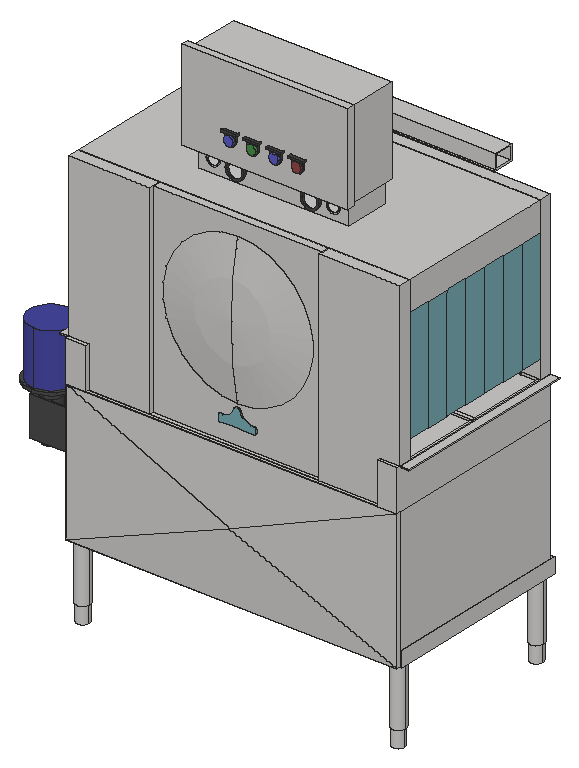
Revit family
Parameters (values of type "Requires Type Catalog QF_Stero_ER-44_R-L_E_cat.txt")
  Width = 3' - 8"
  Weight in Pounds = 850
  Watts = 15000 W
  Watermarked By = "http://revitwatermark.com"
  Waste Water Discharge Temperature [instance] = -459.67 °F
  Volts = 208 V
  Ventilation Remarks [instance] = ""
  URL Cutsheet = ""
  URL = "www.stero.com"
  Total Height = 5' - 10 1/2"
  Table Height = 2' - 10"
  Swing Doors [instance] = no
  Status [instance] = ""
  Standard Doors [instance] = not(Swing Doors)  # yes
  Specification by User [instance] = ""
  Specification by Manufacturer = ""
  Serial Number [instance] = ""
  Seismic Rating [instance] = ""
  SMACNA No [instance] = ""
  Right Ventilation Remarks [instance] = ""
  Right Vent [instance] = no
  Right Exhaust Volume [instance] = if(Right Vent, 200 CFM, 0 CFM)  # 0 CFM
  Right Exhaust Vent Width = 0' - 3 7/8"
  Right Exhaust Vent Text = "Vent, Load End"
  Right Exhaust Vent Depth = 2' - 0 7/8"
  Right Exhaust Static Press = 0.00 in-wg
  Right Exhaust RI Height [instance] = 0' - 0"
  Right Exhaust Item Number [instance] = "-"
  Revision Code [instance] = ""
  Plumbing Remarks [instance] = ""
  Plumbing Connection Type [instance] = ""
  Phase = 1
  Number of Poles [instance] = 1
  NAFEM Spec ID Number [instance] = ""
  Model = "ER-44"
  Masterspec = ""
  Manufacturer = "Stero"
  Machine Height = 4' - 7 1/2"
  Left Vent [instance] = no
  Item Number [instance] = "-"
  Installed By [instance] = ""
  Indirect Waste Size = 2"
  Indirect Waste Flow [instance] = 0 GPM
  Indirect Waste Connection Type [instance] = ""
  Indirect Waste Connection Height = 0' - 6"
  Hot Water Usage Rack = "0.5 Gal/Rack"
  Hot Water Usage = "118 GPH"
  Hot Water Temperature = 180 °F
  Hot Water Size = 3/4"
  Hot Water RI Height [instance] = 0' - 0"
  Hot Water Minimum Pressure = 20.00 psi
  Hot Water Maximum Pressure = 20.00 psi
  Hot Water Flow = 1.97 GPM
  Hot Water Consumption = 1.97 GPM
  Hot Water Connection Height = 5' - 0"
  HP = "2.58"
  Furnished By [instance] = ""
  Foodservice Equipment Identifier [instance] = yes
  FL Amps = 50.4 A
  Exhaust Volume [instance] = if(Left Vent, 400 CFM, 0 CFM)  # 0 CFM
  Exhaust Vent Width = 0' - 3 7/8"
  Exhaust Vent Text = "Vent, Unload End"
  Exhaust Vent Depth = 2' - 0 7/8"
  Exhaust Static Press = 0.00 in-wg
  Exhaust RI Height [instance] = 0' - 0"
  Electrical Remarks [instance] = ""
  Electric Connection Type [instance] = ""
  Elec Conn RI Height [instance] = 0' - 0"
  Elec Conn Connection Height = 5' - 8 1/2"
  Double Door Opening [instance] = if(Swing Doors, 3' 0", 1' 10 1/2")  # 1' - 10 1/2"
  Description = "Dishwasher, Conveyor"
  Depth = 2' - 1"
  Cycle = 60 Hz
  Conn Conduit = yes
  CSI MasterFormat = "11 48 13"
  Assembly Code = "E1090320"
  Apparent Power = if(Phase = 3, Volts * FL Amps * 1.73, Volts * FL Amps)  # 10483.2 VA
Values of the unnamed type that differ from the named types
  Watermarked By = ""
Reference planes (in)
  plane 1: z = 0
  plane 2 "LEFT": x = 2.32772
  plane 3 "BACK": y = -48
  plane 4 "TOP": z = 70.5
  plane 5 "RIGHT": x = 46.32772
  plane 6 "FRONT": y = -73
  plane 7 "Left of Top": x = 2.57772
  plane 8 "Right of Top": x = 46.07772
  plane 9 "Left of Ledge": x = 1.07772
  plane 10 "Right of Ledge": x = 47.57772
  plane 11 "Left End Cowl": x = -7.67228
  plane 12 "Right End Cowl": x = 56.32772
  plane 13: x = -0.73478
  plane 14: x = 49.39022
  plane 15 "Bottom of Machine": z = 10
  plane 16 "Table Height": z = 34
  plane 17 "Top of Machine": z = 55.5
  plane 18 "Panel Top": z = 28.5
  plane 19: z = 12
  plane 20: y = -73.5
  plane 21: y = -47.5
  plane 22: x = 2.07772
  plane 23: x = 46.57772
  plane 24: y = -49.625
  plane 25: y = -71.375
  plane 26 "Door Center": x = 24.32772
  plane 27: x = 13.07772
  plane 28: x = 35.57772
  plane 29 "Top of Opening": z = 51.5
  plane 30: z = 2.25
  plane 31: x = 14.32772
  plane 32: x = 34.32772
  plane 33: x = 13.32772
  plane 34: x = 35.32772
  plane 35 "Front of Lower Panel": y = -66.5
  plane 36: y = -60.5
  plane 37: y = -67
  plane 38 "Back of Panel": y = -60
  plane 39 "Front of Upper Panel": y = -68
  plane 40: x = 13.82772
  plane 41: x = 34.82772
  plane 42: x = 56.20272
  plane 43: x = -7.54728
  plane 44: x = -4.60978
  plane 45: x = 53.26522
  plane 46: y = -48.0625
  plane 47: y = -72.9375
  plane 48 "Top of Vents": z = 59.5
  plane 49: x = 9.82772
  plane 50: x = 38.82772
  plane 51: y = -45
  plane 52: z = 57.5
  plane 53: y = -43
  plane 54: z = 84.5
  plane 55: x = 13.32772
  plane 56: x = 35.32772
  plane 57: x = 24.26522
  plane 58: x = 24.39022
  plane 59: x = 22.89022
  plane 60: x = 25.76522
Forms (in)
  Extrusion 1, solid, material "QF_Finishes_Stainless Steel"
    sketch origin (0, 0, 10) x (0, 1, 0) y (-1, 0, 0)
      loop
        line (-47.5, -2.07772) -> (-73, -2.07772) -> (-73, -46.57772) -> (-47.5, -46.57772) -> (-47.5, -2.07772)
    from 0 to 2
  Extrusion 2, solid, material "QF_Finishes_Stainless Steel"
    sketch origin (0, 0, 34) x (0, 1, 0) y (-1, 0, 0)
      loop
        line (-71.375, -2.57772) -> (-49.625, -2.57772) -> (-49.625, -4.89022) -> (-48, -4.89022) -> (-48, -2.32772) -> (-73.5, -2.32772) -> (-73.5, -4.89022) -> (-71.375, -4.89022) -> (-71.375, -2.57772)
    from 0 to -5.5
  Extrusion 3, solid, material "QF_Finishes_Stainless Steel"
    sketch origin (0, 0, 28.5) x (0, 1, 0) y (-1, 0, 0)
      loop
        line (-48, -2.32772) -> (-73, -2.32772) -> (-73, -46.32772) -> (-48, -46.32772) -> (-48, -2.32772)
    from 0 to -16.5
  Extrusion 4, solid, material "QF_Finishes_Stainless Steel"
    sketch origin (48.65544, 0, 34) x (0, 1, 0) y (-1, 0, 0)
      loop
        line (-71.375, 2.57772) -> (-71.375, 4.89022) -> (-73.5, 4.89022) -> (-73.5, 2.32772) -> (-48, 2.32772) -> (-48, 4.89022) -> (-49.625, 4.89022) -> (-49.625, 2.57772) -> (-71.375, 2.57772)
    from 0 to -5.5
  Extrusion 5, solid, material "QF_Finishes_Stainless Steel"
    sketch origin (0, 0, 34) x (0, 1, 0) y (-1, 0, 0)
      loop
        line (-48, -2.32772) -> (-48, -1.07772) -> (-73, -1.07772) -> (-73, -2.32772) -> (-48, -2.32772)
    from 0 to -0.125
  Extrusion 6, solid, material "QF_Finishes_Stainless Steel"
    sketch origin (0, 0, 34) x (0, 1, 0) y (-1, 0, 0)
      loop
        line (-48, -46.32772) -> (-73, -46.32772) -> (-73, -47.57772) -> (-48, -47.57772) -> (-48, -46.32772)
    from 0 to -0.125
  Extrusion 7, solid, material "QF_Finishes_Stainless Steel"
    sketch origin (0, 0, 34) x (0, 1, 0) y (-1, 0, 0)
      loop
        line (-48, -4.89022) -> (-49.625, -4.89022) -> (-49.625, -2.57772) -> (-71.375, -2.57772) -> (-71.375, -46.07772) -> (-49.625, -46.07772) -> (-49.625, -43.76522) -> (-48, -43.76522) -> (-48, -4.89022)
    from -0.25 to -5.5
  Extrusion 8, solid, material "QF_Finishes_Stainless Steel"
    sketch origin (0, 0, 34) x (0, 1, 0) y (-1, 0, 0)
      loop
        line (-60.25, -2.57772) -> (-60.75, -2.57772) -> (-60.75, -46.07772) -> (-60.25, -46.07772) -> (-60.25, -2.57772)
      loop
        line (-48, -4.89022) -> (-49.625, -4.89022) -> (-49.625, -43.76522) -> (-48, -43.76522) -> (-48, -4.89022)
    from 0 to -0.25
  Extrusion 9, solid, material "QF_Finishes_Stainless Steel"
    sketch origin (0, 0, 55.5) x (0, 1, 0) y (-1, 0, 0)
      loop
        line (-49.625, -2.32772) -> (-71.375, -2.32772) -> (-71.375, -46.32772) -> (-49.625, -46.32772) -> (-49.625, -2.32772)
    from 0 to -4
  Extrusion 10, solid, material "QF_Finishes_Stainless Steel"
    sketch origin (0, 0, 55.5) x (0, 1, 0) y (-1, 0, 0)
      loop
        line (-48, -2.32772) -> (-49.625, -2.32772) -> (-49.625, -46.32772) -> (-48, -46.32772) -> (-48, -2.32772)
    from 0 to -21.5
  Extrusion 11, solid, material "QF_Finishes_Stainless Steel"
    sketch origin (0, -73, 0) x (-1, 0, 0) y (0, 0, 1)
      loop
        line (-2.32772, 55.5) -> (-13.07772, 55.5) -> (-13.07772, 28.5) -> (-4.89022, 28.5) -> (-4.89022, 34) -> (-2.32772, 34) -> (-2.32772, 55.5)
    from 0 to 1.625
  Blend 12, solid, material "QF_Finishes_Stainless Steel"
    base sketch origin (-15.01335, -74, 48) x (-1, 0, 0) y (0, 0, 1)
      loop
        line (-17.34107, -19.5) -> (-61.34107, -19.5) -> (-61.34107, -38) -> (-17.34107, -38) -> (-17.34107, -19.5)
    top sketch origin (-15.01335, -74, 48) x (-1, 0, 0) y (0, 0, 1)
      loop
        line (-39.37232, -28.71875) -> (-39.37232, -28.78125) -> (-39.30982, -28.78125) -> (-39.30982, -28.71875) -> (-39.37232, -28.71875)
    from 0.5 to 0
  Extrusion 13, solid, material "QF_Finishes_Stainless Steel"
    sketch origin (0, 0, 10) x (0, 1, 0) y (-1, 0, 0)
      loop
        line (-73, -2.32772) -> (-73.5, -2.32772) -> (-73.5, -46.32772) -> (-73, -46.32772) -> (-73, -2.32772)
    from 0 to 18.5
  Extrusion 14, solid, material "QF_Finishes_Stainless Steel"
    sketch origin (0, -73, 0) x (-1, 0, 0) y (0, 0, 1)
      loop
        line (-35.57772, 55.5) -> (-46.32772, 55.5) -> (-46.32772, 34) -> (-43.76522, 34) -> (-43.76522, 28.5) -> (-35.57772, 28.5) -> (-35.57772, 55.5)
    from 0 to 1.625
  Extrusion 15, solid, material "QF_Finishes_Stainless Steel", visible <- "Standard Doors"
    sketch origin (0, 0, 55.5) x (0, 1, 0) y (-1, 0, 0)
      loop
        line (-71.375, -13.07772) -> (-72.5, -13.07772) -> (-72.5, -35.57772) -> (-71.375, -35.57772) -> (-71.375, -13.07772)
    from 0 to -27
  Revolve 16, solid, material "QF_Finishes_Stainless Steel", visible <- "Standard Doors"
    sketch origin (24.32772, 0, 0) x (0, 1, 0) y (0, 0, 1)
      loop
        line (-72.5, 43.5) -> (-72.5, 53.5)
        arc (-72.5, 53.5) -> (-73.26244, 48.52624) -> (-73.5, 43.5) r 48
        line (-73.5, 43.5) -> (-72.5, 43.5)
      axis (-72.5, 43.5) -> (-73.5, 43.5)
    angle from 0 to 360
  Extrusion 17, solid, material "QF_Finishes_Stainless Steel"
    sketch origin (0, 0, 0) x (1, 0, 0) y (0, 1, 0)
      loop
        circle (3.32772, -49) r 0.8125
    from 0 to 2.25
  Extrusion 18, solid, material "QF_Finishes_Stainless Steel"
    sketch origin (0, 0, 0) x (1, 0, 0) y (0, 1, 0)
      loop
        circle (3.32772, -49) r 0.9375
    from 2.25 to 10
  Extrusion 19, solid, material "QF_Finishes_Stainless Steel"
    sketch origin (48.65544, 0, 0) x (-1, 0, 0) y (0, -1, 0)
      loop
        circle (3.32772, 49) r 0.8125
    from 0 to 2.25
  Extrusion 20, solid, material "QF_Finishes_Stainless Steel"
    sketch origin (48.65544, 0, 0) x (-1, 0, 0) y (0, -1, 0)
      loop
        circle (3.32772, 49) r 0.9375
    from 2.25 to 10
  Extrusion 21, solid, material "QF_Finishes_Stainless Steel"
    sketch origin (0, -121, 0) x (1, 0, 0) y (0, 1, 0)
      loop
        circle (3.32772, 49) r 0.8125
    from 0 to 2.25
  Extrusion 22, solid, material "QF_Finishes_Stainless Steel"
    sketch origin (0, -121, 0) x (1, 0, 0) y (0, 1, 0)
      loop
        circle (3.32772, 49) r 0.9375
    from 2.25 to 10
  Extrusion 23, solid, material "QF_Finishes_Stainless Steel"
    sketch origin (48.65544, -121, 0) x (-1, 0, 0) y (0, -1, 0)
      loop
        circle (3.32772, -49) r 0.8125
    from 0 to 2.25
  Extrusion 24, solid, material "QF_Finishes_Stainless Steel"
    sketch origin (48.65544, -121, 0) x (-1, 0, 0) y (0, -1, 0)
      loop
        circle (3.32772, -49) r 0.9375
    from 2.25 to 10
  Extrusion 25, solid, material "QF_Finishes_Light Blue"
    sketch origin (0, 0, 51.5) x (0, 1, 0) y (-1, 0, 0)
      loop
        line (-49.625, -46.32772) -> (-49.625, -46.20272) -> (-52.625, -46.20272) -> (-52.625, -46.32772) -> (-49.625, -46.32772)
      loop
        line (-52.75, -46.32772) -> (-52.75, -46.20272) -> (-55.75, -46.20272) -> (-55.75, -46.32772) -> (-52.75, -46.32772)
      loop
        line (-55.875, -46.32772) -> (-55.875, -46.20272) -> (-58.875, -46.20272) -> (-58.875, -46.32772) -> (-55.875, -46.32772)
      loop
        line (-59, -46.32772) -> (-59, -46.20272) -> (-62, -46.20272) -> (-62, -46.32772) -> (-59, -46.32772)
      loop
        line (-62.125, -46.32772) -> (-62.125, -46.20272) -> (-65.125, -46.20272) -> (-65.125, -46.32772) -> (-62.125, -46.32772)
      loop
        line (-65.25, -46.32772) -> (-65.25, -46.20272) -> (-68.25, -46.20272) -> (-68.25, -46.32772) -> (-65.25, -46.32772)
      loop
        line (-68.375, -46.32772) -> (-68.375, -46.20272) -> (-71.375, -46.20272) -> (-71.375, -46.32772) -> (-68.375, -46.32772)
    from 0 to -15
  Extrusion 26, solid, material "QF_Finishes_Light Blue"
    sketch origin (48.65544, 0, 51.5) x (0, 1, 0) y (-1, 0, 0)
      loop
        line (-49.625, 46.32772) -> (-52.625, 46.32772) -> (-52.625, 46.20272) -> (-49.625, 46.20272) -> (-49.625, 46.32772)
      loop
        line (-52.75, 46.32772) -> (-55.75, 46.32772) -> (-55.75, 46.20272) -> (-52.75, 46.20272) -> (-52.75, 46.32772)
      loop
        line (-55.875, 46.32772) -> (-58.875, 46.32772) -> (-58.875, 46.20272) -> (-55.875, 46.20272) -> (-55.875, 46.32772)
      loop
        line (-59, 46.32772) -> (-62, 46.32772) -> (-62, 46.20272) -> (-59, 46.20272) -> (-59, 46.32772)
      loop
        line (-62.125, 46.32772) -> (-65.125, 46.32772) -> (-65.125, 46.20272) -> (-62.125, 46.20272) -> (-62.125, 46.32772)
      loop
        line (-65.25, 46.32772) -> (-68.25, 46.32772) -> (-68.25, 46.20272) -> (-65.25, 46.20272) -> (-65.25, 46.32772)
      loop
        line (-68.375, 46.32772) -> (-71.375, 46.32772) -> (-71.375, 46.20272) -> (-68.375, 46.20272) -> (-68.375, 46.32772)
    from 0 to -15
  Extrusion 27, solid, material "QF_Finishes_Stainless Steel"
    sketch origin (0, 0, 55.5) x (0, 1, 0) y (-1, 0, 0)
      loop
        line (-60.5, -14.32772) -> (-66.5, -14.32772) -> (-66.5, -34.32772) -> (-60.5, -34.32772) -> (-60.5, -14.32772)
    from 0 to 3.5
  Extrusion 28, solid, material "QF_Finishes_Stainless Steel"
    sketch origin (0, 0, 55.5) x (0, 1, 0) y (-1, 0, 0)
      loop
        line (-60, -13.82772) -> (-67, -13.82772) -> (-67, -34.82772) -> (-60, -34.82772) -> (-60, -13.82772)
    from 3 to 14.5
  Extrusion 29, solid, material "QF_Finishes_Stainless Steel"
    sketch origin (0, 0, 55.5) x (0, 1, 0) y (-1, 0, 0)
      loop
        line (-67, -13.32772) -> (-68, -13.32772) -> (-68, -35.32772) -> (-67, -35.32772) -> (-67, -13.32772)
    from 3 to 15
  Extrusion 30, solid, material "QF_Finishes_Black"
    sketch origin (0, -66.5, 0) x (-1, 0, 0) y (0, 0, 1)
      loop
        circle (-19.32772, 57) r 1.25
      loop
        circle (-19.32772, 57) r 1
    from 0 to -0.25
  Extrusion 31, solid, material "QF_Finishes_Stainless Steel"
    sketch origin (0, -66.5, 0) x (-1, 0, 0) y (0, 0, 1)
      loop
        circle (-16.32772, 57.25) r 0.75
      loop
        circle (-16.32772, 57.25) r 0.875
    from 0 to -0.125
  Extrusion 32, solid, material "QF_Finishes_White"
    sketch origin (0, -66.5, 0) x (-1, 0, 0) y (0, 0, 1)
      loop
        circle (-16.32772, 57.25) r 0.75
    from 0 to -0.0625
  Extrusion 33, solid, material "QF_Finishes_White"
    sketch origin (0, -66.5, 0) x (-1, 0, 0) y (0, 0, 1)
      loop
        circle (-19.32772, 57) r 1
    from 0 to -0.0625
  Extrusion 34, solid, material "QF_Finishes_Black"
    sketch origin (48.65544, -66.5, 0) x (1, 0, 0) y (0, 0, -1)
      loop
        circle (-19.32772, -57) r 1.25
      loop
        circle (-19.32772, -57) r 1
    from 0 to -0.25
  Extrusion 35, solid, material "QF_Finishes_Stainless Steel"
    sketch origin (48.65544, -66.5, 0) x (1, 0, 0) y (0, 0, -1)
      loop
        circle (-16.32772, -57.25) r 0.75
      loop
        circle (-16.32772, -57.25) r 0.875
    from 0 to -0.125
  Extrusion 36, solid, material "QF_Finishes_White"
    sketch origin (48.65544, -66.5, 0) x (1, 0, 0) y (0, 0, -1)
      loop
        circle (-16.32772, -57.25) r 0.75
    from 0 to -0.0625
  Extrusion 37, solid, material "QF_Finishes_White"
    sketch origin (48.65544, -66.5, 0) x (1, 0, 0) y (0, 0, -1)
      loop
        circle (-19.32772, -57) r 1
    from 0 to -0.0625
  Extrusion 38, solid, material "QF_Finishes_Black"
    sketch origin (0, -68, 0) x (-1, 0, 0) y (0, 0, 1)
      loop
        line (-23.82772, 62.5) -> (-23.82772, 62.25) -> (-21.82772, 62.25) -> (-21.82772, 62.5) -> (-23.82772, 62.5)
      loop
        line (-20.82772, 62.5) -> (-20.82772, 62.25) -> (-18.82772, 62.25) -> (-18.82772, 62.5) -> (-20.82772, 62.5)
      loop
        line (-24.82772, 62.5) -> (-26.82772, 62.5) -> (-26.82772, 62.25) -> (-24.82772, 62.25) -> (-24.82772, 62.5)
      loop
        line (-27.82772, 62.5) -> (-29.82772, 62.5) -> (-29.82772, 62.25) -> (-27.82772, 62.25) -> (-27.82772, 62.5)
    from 0 to -0.5
  Extrusion 39, solid, material "QF_Finishes_Navy Blue"
    sketch origin (0, -68, 0) x (-1, 0, 0) y (0, 0, 1)
      loop
        circle (-19.82772, 61.375) r 0.625
    from -0.125 to -0.375
  Extrusion 40, solid, material "QF_Finishes_LED Green"
    sketch origin (3, -68, 0) x (-1, 0, 0) y (0, 0, 1)
      loop
        circle (-19.82772, 61.375) r 0.625
    from -0.125 to -0.375
  Extrusion 41, solid, material "QF_Finishes_Navy Blue"
    sketch origin (6, -68, 0) x (-1, 0, 0) y (0, 0, 1)
      loop
        circle (-19.82772, 61.375) r 0.625
    from -0.125 to -0.375
  Extrusion 42, solid, material "QF_Finishes_LED Red"
    sketch origin (9, -68, 0) x (-1, 0, 0) y (0, 0, 1)
      loop
        circle (-19.82772, 61.375) r 0.625
    from -0.125 to -0.375
  Extrusion 43, solid, material "QF_Finishes_Black"
    sketch origin (0, -68, 0) x (-1, 0, 0) y (0, 0, 1)
      loop
        arc (-20.57772, 61.375) -> (-19.82772, 60.625) -> (-19.07772, 61.375) r 0.75
        line (-19.07772, 61.375) -> (-19.07772, 62.25) -> (-20.57772, 62.25) -> (-20.57772, 61.375)
      loop
        arc (-23.57772, 61.375) -> (-22.82772, 60.625) -> (-22.07772, 61.375) r 0.75
        line (-22.07772, 61.375) -> (-22.07772, 62.25) -> (-23.57772, 62.25) -> (-23.57772, 61.375)
      loop
        arc (-26.57772, 61.375) -> (-25.82772, 60.625) -> (-25.07772, 61.375) r 0.75
        line (-25.07772, 61.375) -> (-25.07772, 62.25) -> (-26.57772, 62.25) -> (-26.57772, 61.375)
      loop
        arc (-29.57772, 61.375) -> (-28.82772, 60.625) -> (-28.07772, 61.375) r 0.75
        line (-28.07772, 61.375) -> (-28.07772, 62.25) -> (-29.57772, 62.25) -> (-29.57772, 61.375)
    from 0 to -0.125
  Extrusion 44, solid, material "QF_Finishes_Light Blue", visible <- "Standard Doors"
    sketch origin (0, -73, 0) x (-1, 0, 0) y (0, 0, 1)
      loop
        line (-23.71645, 30.65632) -> (-22.08461, 30.57309)
        arc (-22.08461, 30.57309) -> (-21.90443, 30.64773) -> (-21.82979, 30.82792) r 0.25483
        line (-21.82979, 30.82792) -> (-21.82979, 31.31285)
        arc (-21.82979, 31.31285) -> (-21.90343, 31.49062) -> (-22.08121, 31.56426) r 0.25142
        arc (-22.08121, 31.56426) -> (-23.22593, 31.7803) -> (-23.90311, 32.72819) r 1.56264
        arc (-23.90311, 32.72819) -> (-24.31726, 33.06213) -> (-24.74741, 32.74907) r 0.43733
        arc (-24.74741, 32.74907) -> (-25.42049, 31.78611) -> (-26.57423, 31.56426) r 1.56264
        arc (-26.57423, 31.56426) -> (-26.75201, 31.49062) -> (-26.82565, 31.31285) r 0.25142
        line (-26.82565, 31.31285) -> (-26.82565, 30.82792)
        arc (-26.82565, 30.82792) -> (-26.75101, 30.64773) -> (-26.57082, 30.57309) r 0.25483
        line (-26.57082, 30.57309) -> (-24.93898, 30.65632)
        arc (-24.93898, 30.65632) -> (-24.32772, 30.6719) -> (-23.71645, 30.65632) r 12
    from 0.5 to 0.4375
  Extrusion 45, solid, material "QF_Finishes_Stainless Steel", visible <- "Right Vent"
    sketch origin (46.07772, 0, 0) x (0, -1, 0) y (0, 0, 1)
      loop
        line (73, 55.5) -> (48, 55.5) -> (48, 50.5625) -> (49.625, 48.9375) -> (49.625, 49.11428) -> (48.125, 50.61428) -> (48.125, 55.375) -> (72.875, 55.375) -> (72.875, 39.17678) -> (71.375, 37.67678) -> (71.375, 37.5) -> (73, 39.125) -> (73, 55.5)
    from -0.25 to -10.125
  Extrusion 46, solid, material "QF_Finishes_Stainless Steel", visible <- "Left Vent"
    sketch origin (2.57772, 0, 0) x (0, 1, 0) y (0, 0, 1)
      loop
        line (-73, 55.5) -> (-73, 39.125) -> (-71.375, 37.5) -> (-71.375, 37.67678) -> (-72.875, 39.17678) -> (-72.875, 55.375) -> (-48.125, 55.375) -> (-48.125, 50.61428) -> (-49.625, 49.11428) -> (-49.625, 48.9375) -> (-48, 50.5625) -> (-48, 55.5) -> (-73, 55.5)
    from -0.25 to -10.125
  Extrusion 47, solid, material "QF_Finishes_Stainless Steel", visible <- "Right Vent"
    sketch origin (56.32772, 0, 0) x (0, 1, 0) y (0, 0, 1)
      loop
        line (-71.375, 37.5) -> (-71.375, 51.5) -> (-49.625, 51.5) -> (-49.625, 48.9375) -> (-48, 50.5625) -> (-48, 55.5) -> (-73, 55.5) -> (-73, 39.125) -> (-71.375, 37.5)
    from 0 to -0.125
  Extrusion 48, solid, material "QF_Finishes_Stainless Steel", visible <- "Left Vent"
    sketch origin (-7.67228, 0, 0) x (0, 1, 0) y (0, 0, 1)
      loop
        line (-71.375, 37.5) -> (-71.375, 51.5) -> (-49.625, 51.5) -> (-49.625, 48.9375) -> (-48, 50.5625) -> (-48, 55.5) -> (-73, 55.5) -> (-73, 39.125) -> (-71.375, 37.5)
    from 0 to 0.125
  Extrusion 49, solid, material "QF_Finishes_Stainless Steel", visible <- "Left Vent"
    sketch origin (0, 0, 55.5) x (0, 1, 0) y (-1, 0, 0)
      loop
        line (-48.0625, 4.60978) -> (-72.9375, 4.60978) -> (-72.9375, 0.73478) -> (-48.0625, 0.73478) -> (-48.0625, 4.60978)
      loop
        line (-48.1875, 4.48478) -> (-72.8125, 4.48478) -> (-72.8125, 0.85978) -> (-48.1875, 0.85978) -> (-48.1875, 4.48478)
    from 0 to 4
  Extrusion 50, solid, material "QF_Finishes_Stainless Steel", visible <- "Right Vent"
    sketch origin (48.65544, 0, 55.5) x (0, 1, 0) y (-1, 0, 0)
      loop
        line (-48.0625, -4.60978) -> (-48.0625, -0.73478) -> (-72.9375, -0.73478) -> (-72.9375, -4.60978) -> (-48.0625, -4.60978)
      loop
        line (-48.1875, -4.48478) -> (-48.1875, -0.85978) -> (-72.8125, -0.85978) -> (-72.8125, -4.48478) -> (-48.1875, -4.48478)
    from 0 to 4
  Extrusion 51, void
    sketch origin (0, 0, 55.5) x (0, 1, 0) y (-1, 0, 0)
      loop
        line (-48.1875, 4.48478) -> (-72.8125, 4.48478) -> (-72.8125, 0.85978) -> (-48.1875, 0.85978) -> (-48.1875, 4.48478)
    from 0 to -0.125
  Extrusion 52, void
    sketch origin (0, 0, 55.5) x (0, 1, 0) y (-1, 0, 0)
      loop
        line (-48.1875, -49.51522) -> (-72.8125, -49.51522) -> (-72.8125, -53.14022) -> (-48.1875, -53.14022) -> (-48.1875, -49.51522)
    from 0 to -0.125
  Extrusion 53, solid, material "QF_Finishes_Stainless Steel"
    sketch origin (0, 0, 55.5) x (0, 1, 0) y (-1, 0, 0)
      loop
        circle (-48.75, -19.32772) r 0.375
      loop
        circle (-48.75, -19.32772) r 0.5
    from 0 to 4.5
  Extrusion 54, solid, material "QF_Finishes_Stainless Steel"
    sketch origin (2.32772, 0, 0) x (0, 1, 0) y (0, 0, 1)
      loop
        line (-45, 57.5) -> (-47.75, 57.5) -> (-47.75, 55.5) -> (-45, 55.5) -> (-45, 57.5)
      loop
        line (-45.125, 57.375) -> (-47.625, 57.375) -> (-47.625, 55.625) -> (-45.125, 55.625) -> (-45.125, 57.375)
    from 7.5 to 36.5
  Extrusion 55, solid, material "QF_Finishes_Stainless Steel"
    sketch origin (2.32772, 0, 0) x (0, 1, 0) y (0, 0, 1)
      loop
        line (-47.75, 55.5) -> (-47.75, 55.625) -> (-48, 55.625) -> (-48, 55.5) -> (-47.75, 55.5)
    from 7.5 to 36.5
  Extrusion 56, solid, material "QF_Finishes_Stainless Steel"
    sketch origin (0, -60, 0) x (-1, 0, 0) y (0, 0, 1)
      loop
        circle (-34.32772, 68.5) r 0.25
    from 0 to 0.0625
  Extrusion 57, solid, material "QF_Finishes_Stainless Steel"
    sketch origin (0, 0, 10) x (0, 1, 0) y (-1, 0, 0)
      loop
        circle (-50, -30.32772) r 1
      loop
        circle (-50, -30.32772) r 1.125
    from 0 to -4
  Extrusion 58, solid, material "QF_Finishes_Clearance", detail levels coarse
    sketch origin (0, 0, 0) x (1, 0, 0) y (0, 1, 0)
      loop
        line (1.07772, -47.5) -> (9.82772, -47.5) -> (9.82772, -45) -> (38.82772, -45) -> (38.82772, -47.5) -> (47.57772, -47.5) -> (47.57772, -43) -> (1.07772, -43) -> (1.07772, -47.5)
    from 0 to 70.5
  Extrusion 59, solid, material "QF_Finishes_Clearance", visible <- "Standard Doors", detail levels coarse
    sketch origin (0, -73, 0) x (-1, 0, 0) y (0, 0, 1)
      loop
        line (-13.07772, 84.5) -> (-35.57772, 84.5) -> (-35.57772, 55.5) -> (-13.07772, 55.5) -> (-13.07772, 84.5)
    from 0 to 1.625
  Extrusion 60, solid, material "QF_Finishes_Clearance", visible <- "Right Vent", detail levels coarse
    sketch origin (0, 0, 0) x (1, 0, 0) y (0, 1, 0)
      loop
        line (47.57772, -43) -> (47.57772, -47.5) -> (56.32772, -47.5) -> (56.32772, -43) -> (47.57772, -43)
    from 0 to 70.5
  Extrusion 61, solid, material "QF_Finishes_Clearance", visible <- "Left Vent", detail levels coarse
    sketch origin (0, 0, 0) x (1, 0, 0) y (0, 1, 0)
      loop
        line (-7.67228, -43) -> (-7.67228, -47.5) -> (1.07772, -47.5) -> (1.07772, -43) -> (-7.67228, -43)
    from 0 to 70.5
  Extrusion 62, solid, material "QF_Finishes_Black"
    sketch origin (48.65544, -73, 0) x (1, 0, 0) y (0, 0, -1)
      loop
        line (-46.57772, -12) -> (-46.57772, -10.9375) -> (-47.70272, -10.9375) -> (-47.70272, -23.9375) -> (-46.32772, -23.9375) -> (-46.32772, -12) -> (-46.57772, -12)
    from 1.8125 to 7.8125
  Extrusion 63, solid, material "QF_Finishes_Black"
    sketch origin (48.65544, 0, 10) x (0, 1, 0) y (-1, 0, 0)
      loop
        arc (-66.875, 52.57772) -> (-68.1875, 51.26522) -> (-69.5, 52.57772) r 1.3125
        line (-69.5, 52.57772) -> (-69.5, 47.95272) -> (-66.875, 47.95272) -> (-66.875, 52.57772)
      loop
        line (-69.75, 54.20272) -> (-69.75, 47.70272) -> (-66.625, 47.70272) -> (-66.625, 54.20272) -> (-69.75, 54.20272)
    from 7.6875 to 12.9375
  Extrusion 64, solid, material "QF_Finishes_Black"
    sketch origin (48.65544, 0, 10) x (0, 1, 0) y (-1, 0, 0)
      loop
        circle (-68.1875, 52.57772) r 1.0625
    from 7.1875 to 7.6875
  Extrusion 65, solid, material "QF_Finishes_Black"
    sketch origin (48.65544, 0, 10) x (0, 1, 0) y (-1, 0, 0)
      loop
        circle (-68.1875, 52.57772) r 1.3125
    from 12.9375 to 13.4375
  Blend 66, solid, material "QF_Finishes_Black"
    base sketch origin (48.65544, 0, 10) x (0, 1, 0) y (-1, 0, 0)
      loop
        circle (-68.1875, 52.57772) r 1.3125
    top sketch origin (48.65544, 0, 10) x (0, 1, 0) y (-1, 0, 0)
      loop
        circle (-68.1875, 52.57772) r 2.0625
    from 13.4375 to 14.4375
  Extrusion 67, solid, material "QF_Finishes_Black"
    sketch origin (48.65544, 0, 10) x (0, 1, 0) y (-1, 0, 0)
      loop
        circle (-68.1875, 52.57772) r 3.25
    from 14.4375 to 14.8125
  Extrusion 68, solid, material "QF_Finishes_Blue"
    sketch origin (48.65544, 0, 10) x (0, 1, 0) y (-1, 0, 0)
      loop
        circle (-68.1875, 52.57772) r 2.875
    from 14.8125 to 21.9375
  Extrusion 69, solid
    sketch origin (48.65544, -73, 0) x (1, 0, 0) y (0, 0, -1)
      loop
        line (-46.32772, -33.1875) -> (-46.32772, -31.6875) -> (-51.82772, -31.6875) -> (-51.82772, -33.1875) -> (-46.32772, -33.1875)
      loop
        circle (-50.57772, -32.4375) r 0.375
    from 12.3125 to 12.6875
  Extrusion 70, solid, material "QF_Finishes_Black"
    sketch origin (48.65544, -73, 0) x (1, 0, 0) y (0, 0, -1)
      loop
        line (-46.32772, -12) -> (-46.57772, -12) -> (-46.57772, -8.4375) -> (-49.07772, -8.4375) -> (-49.07772, -12.4375) -> (-46.32772, -12.4375) -> (-46.32772, -12)
    from 7 to 18
  Extrusion 71, solid, material "QF_Finishes_Black"
    sketch origin (48.65544, -73, 0) x (1, 0, 0) y (0, 0, -1)
      loop
        line (-49.07772, -12.125) -> (-49.07772, -8.75) -> (-49.32772, -8.75)
        arc (-49.32772, -8.75) -> (-49.5045, -8.82322) -> (-49.57772, -9) r 0.25
        line (-49.57772, -9) -> (-49.57772, -9.3125)
        arc (-49.57772, -9.3125) -> (-49.68755, -9.57767) -> (-49.95272, -9.6875) r 0.375
        line (-49.95272, -9.6875) -> (-50.57772, -9.6875)
        arc (-50.57772, -9.6875) -> (-51.32772, -10.4375) -> (-50.57772, -11.1875) r 0.75
        line (-50.57772, -11.1875) -> (-49.95272, -11.1875)
        arc (-49.95272, -11.1875) -> (-49.68755, -11.29733) -> (-49.57772, -11.5625) r 0.375
        line (-49.57772, -11.5625) -> (-49.57772, -11.875)
        arc (-49.57772, -11.875) -> (-49.5045, -12.05178) -> (-49.32772, -12.125) r 0.25
        line (-49.32772, -12.125) -> (-49.07772, -12.125)
      loop
        circle (-50.57772, -10.4375) r 0.5
    from 9.375 to 9.5
  Extrusion 72, solid, material "QF_Finishes_Black"
    sketch origin (48.65544, -66.875, 0) x (1, 0, 0) y (0, 0, -1)
      loop
        line (-49.07772, -12.125) -> (-49.07772, -8.75) -> (-49.32772, -8.75)
        arc (-49.32772, -8.75) -> (-49.5045, -8.82322) -> (-49.57772, -9) r 0.25
        line (-49.57772, -9) -> (-49.57772, -9.3125)
        arc (-49.57772, -9.3125) -> (-49.68755, -9.57767) -> (-49.95272, -9.6875) r 0.375
        line (-49.95272, -9.6875) -> (-50.57772, -9.6875)
        arc (-50.57772, -9.6875) -> (-51.32772, -10.4375) -> (-50.57772, -11.1875) r 0.75
        line (-50.57772, -11.1875) -> (-49.95272, -11.1875)
        arc (-49.95272, -11.1875) -> (-49.68755, -11.29733) -> (-49.57772, -11.5625) r 0.375
        line (-49.57772, -11.5625) -> (-49.57772, -11.875)
        arc (-49.57772, -11.875) -> (-49.5045, -12.05178) -> (-49.32772, -12.125) r 0.25
        line (-49.32772, -12.125) -> (-49.07772, -12.125)
      loop
        circle (-50.57772, -10.4375) r 0.5
    from 9.375 to 9.5
  Extrusion 73, solid, material "QF_Finishes_Stainless Steel"
    sketch origin (48.65544, -73, 0) x (1, 0, 0) y (0, 0, -1)
      loop
        circle (-50.57772, -32.4375) r 0.375
      loop
        arc (-51.31584, -32.57045) -> (-50.57772, -33.1875) -> (-49.8396, -32.57045) r 0.75
        line (-49.8396, -32.57045) -> (-49.14022, -28.6875) -> (-52.01522, -28.6875) -> (-51.31584, -32.57045)
    from 11.25 to 11.375
  Extrusion 74, solid, material "QF_Finishes_Stainless Steel"
    sketch origin (48.65544, -48, 0) x (1, 0, 0) y (0, 0, 1)
      loop
        circle (-50.57772, 32.4375) r 0.375
      loop
        line (-51.31584, 32.57045) -> (-52.01522, 28.6875) -> (-49.14022, 28.6875) -> (-49.8396, 32.57045)
        arc (-49.8396, 32.57045) -> (-50.57772, 33.1875) -> (-51.31584, 32.57045) r 0.75
    from 11.25 to 11.375
  Extrusion 75, solid, material "QF_Finishes_Stainless Steel"
    sketch origin (48.65544, -73, 0) x (1, 0, 0) y (0, 0, -1)
      loop
        circle (-50.57772, -32.4375) r 0.375
    from 10.75 to 14.25
  Blend 76, solid, material "QF_Finishes_Stainless Steel"
    base sketch origin (48.65544, 0, 34) x (0, 1, 0) y (-1, 0, 0)
      loop
        line (-58.25, 47.89022) -> (-58.25, 53.01522) -> (-62.75, 53.01522) -> (-62.75, 47.89022) -> (-58.25, 47.89022)
    top sketch origin (48.65544, 0, 34) x (0, 1, 0) y (-1, 0, 0)
      loop
        line (-59.25, 49.14022) -> (-59.25, 52.01522) -> (-61.75, 52.01522) -> (-61.75, 49.14022) -> (-59.25, 49.14022)
    from -14.0625 to -5.3125
  Blend 77, solid, material "QF_Finishes_Stainless Steel"
    base sketch origin (48.65544, 0, 25.25) x (0, 1, 0) y (-1, 0, 0)
      loop
        line (-57.5, 47.14022) -> (-57.5, 53.76522) -> (-63.5, 53.76522) -> (-63.5, 47.14022) -> (-57.5, 47.14022)
    top sketch origin (48.65544, 0, 25.25) x (0, 1, 0) y (-1, 0, 0)
      loop
        line (-58.5, 48.14022) -> (-58.5, 52.76522) -> (-62.5, 52.76522) -> (-62.5, 48.14022) -> (-58.5, 48.14022)
    from -15.5625 to -5.3125
  Extrusion 78, solid, material "QF_Finishes_Stainless Steel"
    sketch origin (48.65544, -73, -22) x (1, 0, 0) y (0, 0, -1)
      loop
        circle (-50.57772, -32.4375) r 0.5
    from 9 to 16
  Extrusion 79, solid, material "QF_Finishes_Stainless Steel", visible <- "Swing Doors"
    sketch origin (112.98656, -0.02982, 55.5) x (0, 1, 0) y (-1, 0, 0)
      loop
        line (-71.375, 99.65884) -> (-73, 99.65884) -> (-73, 88.72134) -> (-71.375, 88.72134) -> (-71.375, 99.65884)
    from 0 to -27
  Extrusion 80, solid, material "QF_Finishes_Stainless Steel", visible <- "Swing Doors"
    sketch origin (112.98656, -0.02982, 55.5) x (0, 1, 0) y (-1, 0, 0)
      loop
        line (-71.375, 88.59634) -> (-73, 88.59634) -> (-73, 77.65884) -> (-71.375, 77.65884) -> (-71.375, 88.59634)
    from 0 to -27
  Extrusion 81, solid, material "QF_Finishes_Stainless Steel", visible <- "Swing Doors"
    sketch origin (112.98656, -0.02982, 52.4375) x (0, 1, 0) y (-1, 0, 0)
      loop
        circle (-73.25, 99.90884) r 0.25
    from 0 to -3
  Extrusion 82, solid, material "QF_Finishes_Stainless Steel", visible <- "Swing Doors"
    sketch origin (112.98656, -0.02982, 35.8125) x (0, 1, 0) y (-1, 0, 0)
      loop
        circle (-73.25, 99.90884) r 0.25
    from 0 to -3
  Extrusion 83, solid, material "QF_Finishes_Stainless Steel", visible <- "Swing Doors"
    sketch origin (148.48656, -0.02982, 52.4375) x (0, 1, 0) y (-1, 0, 0)
      loop
        circle (-73.25, 112.90884) r 0.25
    from 0 to -3
  Extrusion 84, solid, material "QF_Finishes_Stainless Steel", visible <- "Swing Doors"
    sketch origin (148.48656, -0.02982, 35.8125) x (0, 1, 0) y (-1, 0, 0)
      loop
        circle (-73.25, 112.90884) r 0.25
    from 0 to -3
  Sweep 85, solid, material "QF_Finishes_Stainless Steel", visible <- "Swing Doors"
    path origin (22.89022, 0, 0) x (0, 1, 0) y (0, 0, 1)
      loop
        line (-73, 47.0625) -> (-73.625, 47.0625)
        arc (-73.625, 47.0625) -> (-73.97855, 46.91605) -> (-74.125, 46.5625) r 0.5
        line (-74.125, 46.5625) -> (-74.125, 38.3125)
        arc (-74.125, 38.3125) -> (-73.97855, 37.95895) -> (-73.625, 37.8125) r 0.5
        line (-73.625, 37.8125) -> (-73, 37.8125)
    profile origin (22.89022, -73.3125, 47.0625) x (0, 0, -1) y (1, 0, 0)
      loop
        circle (0, 0) r 0.375
  Sweep 86, solid, material "QF_Finishes_Stainless Steel", visible <- "Swing Doors"
    path origin (25.76522, 0, 0) x (0, 1, 0) y (0, 0, 1)
      loop
        line (-73, 47.0625) -> (-73.625, 47.0625)
        arc (-73.625, 47.0625) -> (-73.97855, 46.91605) -> (-74.125, 46.5625) r 0.5
        line (-74.125, 46.5625) -> (-74.125, 38.3125)
        arc (-74.125, 38.3125) -> (-73.97855, 37.95895) -> (-73.625, 37.8125) r 0.5
        line (-73.625, 37.8125) -> (-73, 37.8125)
    profile origin (25.76522, -73.3125, 47.0625) x (0, 0, 1) y (-1, 0, 0)
      loop
        circle (0, 0) r 0.375
Cuts and joins
  Extrusion 51 cuts Extrusion 46
  Extrusion 51 cuts Extrusion 49
  Extrusion 52 cuts Extrusion 45
  Extrusion 52 cuts Extrusion 50
Lines and regions (in)
  symbolic lines
    curve 1: line (1.07772, -48, 10) -> (47.57772, -48, 10)
    curve 2: line (2.32772, -73, 10) -> (2.32772, -48, 10)
    curve 3: line (47.57772, -73, 10) -> (1.04646, -73, 10)
    curve 4: line (46.32772, -48, 10) -> (46.32772, -73, 10)
    curve 11: line (9.82772, -48, 10) -> (9.82772, -45, 10)
    curve 12: line (9.82772, -45, 10) -> (38.82772, -45, 10)
    curve 13: line (38.82772, -45, 10) -> (38.82772, -48, 10)
    curve 14: line (1.07772, -48, 10) -> (1.07772, -73, 10)
    curve 15: line (47.57772, -48, 10) -> (47.57772, -73, 10)
    curve 16: line (13.82772, -60, 10) -> (34.82772, -60, 10)
    curve 17: line (13.82772, -67, 10) -> (13.82772, -60, 10)
    curve 18: line (34.82772, -67, 10) -> (13.82772, -67, 10)
    curve 19: line (34.82772, -60, 10) -> (34.82772, -67, 10)
    curve 20: line (34.82772, -67, 10) -> (35.32772, -67, 10)
    curve 21: line (35.32772, -67, 10) -> (35.32772, -68, 10)
    curve 22: line (35.32772, -68, 10) -> (13.32772, -68, 10)
    curve 23: line (13.32772, -68, 10) -> (13.32772, -67, 10)
    curve 24: line (13.32772, -67, 10) -> (13.82772, -67, 10)
    curve 38: line (13.07772, -73, 0) -> (13.07772, -71.375, 0)
    curve 39: line (13.07772, -71.375, 0) -> (35.57772, -71.375, 0)
    curve 40: line (35.57772, -71.375, 0) -> (35.57772, -73.02982, 0)
  symbolic lines, visible <- "Left Vent"
    curve 5: line (2.32772, -48, 10) -> (-7.67228, -48, 10)
    curve 6: line (-7.67228, -48, 10) -> (-7.67228, -73, 10)
    curve 7: line (-7.67228, -73, 10) -> (2.32772, -73, 10)
    curve 25: line (-4.60978, -48.0625, 10) -> (-0.73478, -48.0625, 10)
    curve 26: line (-4.60978, -72.9375, 10) -> (-4.60978, -48.0625, 10)
    curve 27: line (-0.73478, -72.9375, 10) -> (-4.60978, -72.9375, 10)
    curve 28: line (-0.73478, -48.0625, 10) -> (-0.73478, -72.9375, 10)
  symbolic lines, visible <- "Right Vent"
    curve 8: line (46.32772, -48, 10) -> (56.32772, -48, 10)
    curve 9: line (56.32772, -48, 10) -> (56.32772, -73, 10)
    curve 10: line (56.32772, -73, 10) -> (46.32772, -73, 10)
    curve 29: line (49.39022, -48.0625, 10) -> (53.26522, -48.0625, 10)
    curve 30: line (49.39022, -72.9375, 10) -> (49.39022, -48.0625, 10)
    curve 31: line (53.26522, -72.9375, 10) -> (49.39022, -72.9375, 10)
    curve 32: line (53.26522, -48.0625, 10) -> (53.26522, -72.9375, 10)
  symbolic lines, style "QF_Clearances", visible <- "Left Vent", detail levels coarse
    curve 33: line (-7.67228, -47.5, 0) -> (-7.67228, -43, 0)
    curve 34: line (-7.67228, -43, 0) -> (1.07772, -43, 0)
  symbolic lines, style "QF_Clearances", detail levels coarse
    curve 35: line (1.07772, -43, 0) -> (47.57772, -43, 0)
  symbolic lines, style "QF_Clearances", visible <- "Right Vent", detail levels coarse
    curve 36: line (47.57772, -43, 0) -> (56.32772, -43, 0)
    curve 37: line (56.32772, -43, 0) -> (56.32772, -47.5, 0)
  symbolic lines, visible <- "Standard Doors"
    curve 41: line (13.07772, -72.5, 0) -> (35.57772, -72.5, 0)
  symbolic lines, visible <- "Swing Doors"
    curve 42: line (24.39022, -71.375, 0) -> (24.39022, -73, 0)
    curve 43: line (24.26522, -71.375, 0) -> (24.26522, -73, 0)
    curve 44: line (23.26522, -73, 0) -> (23.26522, -74.125, 0)
    curve 45: line (22.51522, -73, 0) -> (22.51522, -74.125, 0)
    curve 46: arc (22.51522, -74.125, 0) -> (22.89022, -74.5, 0) -> (23.26522, -74.125, 0) r 0.375
    curve 47: line (26.14022, -73, 0) -> (26.14022, -74.125, 0)
    curve 48: line (25.39022, -73, 0) -> (25.39022, -74.125, 0)
    curve 49: arc (25.39022, -74.125, 0) -> (25.76522, -74.5, 0) -> (26.14022, -74.125, 0) r 0.375
  symbolic lines, style "QF_Clearances", visible <- "Swing Doors", detail levels coarse
    curve 50: line (13.07772, -84.1875, 0) -> (13.07772, -73, 0)
    curve 51: arc (13.07772, -84.1875, 0) -> (20.98848, -80.91076, 0) -> (24.26522, -73, 0) r 11.1875
    curve 52: line (35.57772, -84.1875, 0) -> (35.57772, -73.02982, 0)
    curve 53: arc (35.57772, -84.1875, 0) -> (27.66696, -80.91076, 0) -> (24.39022, -73, 0) r 11.1875
  symbolic lines, style "QF_Surface Details"
    curve 54: line (38.71082, -55.08939, 52.4375) -> (9.71082, -55.08939, 52.4375)
    curve 55: line (9.71082, -55.08939, 52.4375) -> (14.21082, -52.595, 52.4375)
    curve 56: line (9.71082, -55.08939, 52.4375) -> (14.21082, -57.58378, 52.4375)
Dimensions and locks (in)
  "Width": plane 2 "LEFT" to plane 5 "RIGHT"
  "Depth": plane 6 "FRONT" to plane 3 "BACK"
  locked: plane 2 "LEFT" to plane 7 "Left of Top" at 0.25
  locked: plane 8 "Right of Top" to plane 5 "RIGHT" at 0.25
  locked: plane 9 "Left of Ledge" to plane 7 "Left of Top" at 1.5
  locked: plane 8 "Right of Top" to plane 10 "Right of Ledge" at 1.5
  locked: plane 15 "Bottom of Machine" to level at 10
  "Table Height": plane 16 "Table Height" to level
  "Machine Height": plane 17 "Top of Machine" to level
  "Total Height": plane 4 "TOP" to level
  locked: plane 19 to plane 15 "Bottom of Machine" at 2
  locked: plane 16 "Table Height" to plane 18 "Panel Top" at 5.5
  locked: plane 6 "FRONT" to plane 20 at 0.5
  locked: plane 3 "BACK" to plane 21 at 0.5
  locked: plane 22 to plane 2 "LEFT" at 0.25
  locked: plane 5 "RIGHT" to plane 23 at 0.25
  locked: plane 2 "LEFT" to Extrusion 2 sketch curve at 2.5625  (x2)
  locked: Extrusion 4 sketch curve to plane 5 "RIGHT" at 2.5625  (x2)
  locked: plane 3 "BACK" to plane 24 at 1.625
  locked: plane 6 "FRONT" to plane 25 at 1.625
  equal spacing: plane 2 "LEFT", plane 26 "Door Center", plane 5 "RIGHT"
  "Double Door Opening": plane 27 to plane 28
  locked: plane 17 "Top of Machine" to plane 29 "Top of Opening" at 4
  locked: plane 26 "Door Center" to Blend 12 sketch curve at 0.03125  (x2)
  locked: Extrusion 15 sketch curve to plane 25 at 1.125
  locked: plane 30 to level at 2.25
  plane 22 to Extrusion 17 sketch curve = 0' - 1 1/4"
  plane 21 to Extrusion 17 sketch curve = 0' - 1 1/2"
  locked: plane 21 to Extrusion 18 sketch curve at 1.5
  locked: plane 22 to Extrusion 18 sketch curve at 1.25
  locked: plane 21 to Extrusion 19 sketch curve at 1.5
  locked: Extrusion 19 sketch curve to plane 23 at 1.25
  locked: Extrusion 20 sketch curve to plane 23 at 1.25
  locked: plane 21 to Extrusion 20 sketch curve at 1.5
  locked: Extrusion 23 sketch curve to plane 23 at 1.25
  locked: Extrusion 23 sketch curve to plane 20 at 1.5
  locked: Extrusion 24 sketch curve to plane 23 at 1.25
  locked: Extrusion 24 sketch curve to plane 20 at 1.5
  locked: Extrusion 21 sketch curve to plane 20 at 1.5
  locked: plane 22 to Extrusion 21 sketch curve at 1.25
  locked: Extrusion 22 sketch curve to plane 20 at 1.5
  locked: plane 22 to Extrusion 22 sketch curve at 1.25
  locked: plane 31 to plane 26 "Door Center" at 10
  locked: plane 31 to plane 32 at 20
  locked: plane 33 to plane 26 "Door Center" at 11
  locked: plane 33 to plane 34 at 22
  plane 35 "Front of Lower Panel" to plane 6 "FRONT" = 0' - 6 1/2"
  locked: plane 36 to plane 35 "Front of Lower Panel" at 6
  locked: plane 37 to plane 6 "FRONT" at 6
  locked: plane 38 "Back of Panel" to plane 37 at 7
  locked: plane 37 to plane 39 "Front of Upper Panel" at 1
  locked: plane 33 to plane 40 at 0.5
  locked: plane 41 to plane 34 at 0.5
  locked: Extrusion 30 sketch curve to plane 31 at 5
  locked: Extrusion 30 sketch curve to plane 17 "Top of Machine" at 1.5
  locked: Extrusion 31 sketch curve to plane 31 at 2
  locked: Extrusion 31 sketch curve to plane 17 "Top of Machine" at 1.75
  locked: Extrusion 34 sketch curve to plane 32 at 5
  locked: Extrusion 34 sketch curve to plane 17 "Top of Machine" at 1.5
  locked: Extrusion 35 sketch curve to plane 32 at 2
  locked: Extrusion 35 sketch curve to plane 17 "Top of Machine" at 1.75
  locked: Extrusion 38 sketch curve to plane 33 at 5.5
  locked: Extrusion 38 sketch curve to plane 17 "Top of Machine" at 7
  locked: Extrusion 39 sketch curve to plane 17 "Top of Machine" at 5.875
  locked: Extrusion 39 sketch curve to plane 33 at 6.5
  locked: Extrusion 40 sketch curve to plane 17 "Top of Machine" at 5.875
  locked: Extrusion 40 sketch curve to plane 33 at 9.5
  locked: Extrusion 41 sketch curve to plane 33 at 12.5
  locked: Extrusion 41 sketch curve to plane 17 "Top of Machine" at 5.875
  locked: Extrusion 42 sketch curve to plane 17 "Top of Machine" at 5.875
  locked: Extrusion 42 sketch curve to plane 33 at 15.5
  locked: Extrusion 43 sketch curve to plane 17 "Top of Machine" at 5.875
  locked: Extrusion 43 sketch curve to plane 33 at 6.5
  locked: Extrusion 44 sketch curve to plane 18 "Panel Top" at 4.12493
  locked: plane 42 to plane 12 "Right End Cowl" at 0.125
  locked: plane 11 "Left End Cowl" to plane 43 at 0.125
  locked: plane 44 to plane 13 at 3.875
  locked: plane 14 to plane 45 at 3.875
  locked: plane 46 to plane 47 at 24.875
  locked: plane 47 to plane 6 "FRONT" at 0.0625
  plane 48 "Top of Vents" to plane 17 "Top of Machine" = 0' - 4"
  locked: Extrusion 53 sketch curve to plane 3 "BACK" at 0.75
  locked: plane 49 to plane 26 "Door Center" at 14.5
  locked: plane 49 to plane 50 at 29
  locked: plane 52 to plane 17 "Top of Machine" at 2
  locked: plane 51 to plane 3 "BACK" at 3
  Extrusion 56 sketch curve to plane 17 "Top of Machine" = 1' - 1"
  locked: plane 34 to Extrusion 56 sketch curve at 1
  locked: Extrusion 57 sketch curve to plane 3 "BACK" at 2
  locked: plane 53 to plane 3 "BACK" at 5
  locked: plane 54 to plane 17 "Top of Machine" at 29
  locked: Extrusion 57 sketch curve to plane 34 at 5
  locked: plane 40 to Extrusion 53 sketch curve at 5.5
  locked: plane 26 "Door Center" to Extrusion 44 sketch curve at 2.49793
  equal spacing: plane 27, plane 26 "Door Center", plane 28
  locked: Extrusion 81 sketch curve to plane 55 at 0.25
  locked: Extrusion 82 sketch curve to plane 55 at 0.25
  locked: plane 56 to Extrusion 84 sketch curve at 0.25
  locked: plane 56 to Extrusion 83 sketch curve at 0.25
  locked: plane 27 to plane 55 at 0.25
  locked: plane 56 to plane 28 at 0.25
  locked: plane 26 "Door Center" to plane 60 at 1.4375
  locked: plane 59 to plane 26 "Door Center" at 1.4375
  locked: plane 26 "Door Center" to plane 58 at 0.0625
  locked: plane 57 to plane 26 "Door Center" at 0.0625
  plane 11 "Left End Cowl" to plane 2 "LEFT" = 0' - 10"
  locked: plane 43 to plane 44 at 2.9375
  locked: plane 45 to plane 42 at 2.9375
  locked: plane 5 "RIGHT" to plane 12 "Right End Cowl" at 10
  aligned and locked: level to plane 1
  aligned and locked: Extrusion 1 sketch curve to plane 21
  aligned and locked: Extrusion 1 sketch curve to plane 22
  aligned and locked: plane 23 to Extrusion 1 sketch curve
  aligned and locked: Extrusion 1 to plane 15 "Bottom of Machine"
  aligned and locked: plane 19 to Extrusion 1
  aligned and locked: plane 2 "LEFT" to Extrusion 2 sketch curve
  aligned and locked: Extrusion 2 to plane 18 "Panel Top"
  aligned and locked: plane 16 "Table Height" to Extrusion 2
  aligned and locked: plane 7 "Left of Top" to Extrusion 2 sketch curve
  aligned and locked: plane 2 "LEFT" to Extrusion 3 sketch curve
  aligned and locked: Extrusion 3 sketch curve to plane 5 "RIGHT"
  aligned and locked: plane 6 "FRONT" to Extrusion 3 sketch curve
  aligned and locked: plane 3 "BACK" to Extrusion 3 sketch curve
  aligned and locked: plane 18 "Panel Top" to Extrusion 3
  aligned and locked: Extrusion 3 to plane 19
  aligned and locked: Extrusion 2 sketch curve to plane 3 "BACK"
  aligned and locked: plane 3 "BACK" to Extrusion 4 sketch curve
  aligned and locked: plane 5 "RIGHT" to Extrusion 4 sketch curve
  aligned and locked: Extrusion 4 sketch curve to plane 8 "Right of Top"
  aligned and locked: Extrusion 4 to plane 18 "Panel Top"
  aligned and locked: plane 16 "Table Height" to Extrusion 4
  aligned and locked: Extrusion 2 sketch curve to plane 24
  aligned and locked: plane 25 to Extrusion 2 sketch curve
  aligned and locked: plane 24 to Extrusion 4 sketch curve
  aligned and locked: Extrusion 4 sketch curve to plane 25
  aligned and locked: plane 2 "LEFT" to Extrusion 5 sketch curve
  aligned and locked: Extrusion 5 sketch curve to plane 6 "FRONT"
  aligned and locked: Extrusion 5 sketch curve to plane 9 "Left of Ledge"
  aligned and locked: Extrusion 5 sketch curve to plane 3 "BACK"
  aligned and locked: plane 5 "RIGHT" to Extrusion 6 sketch curve
  aligned and locked: plane 6 "FRONT" to Extrusion 6 sketch curve
  aligned and locked: plane 10 "Right of Ledge" to Extrusion 6 sketch curve
  aligned and locked: plane 3 "BACK" to Extrusion 6 sketch curve
  aligned and locked: plane 3 "BACK" to Extrusion 7 sketch curve
  aligned and locked: plane 8 "Right of Top" to Extrusion 7 sketch curve
  aligned and locked: Extrusion 7 sketch curve to plane 24  (x2)
  aligned and locked: Extrusion 7 sketch curve to plane 25
  aligned and locked: plane 7 "Left of Top" to Extrusion 7 sketch curve
  aligned and locked: Extrusion 7 sketch curve to Extrusion 2
  aligned and locked: Extrusion 7 sketch curve to Extrusion 4
  aligned and locked: Extrusion 7 to plane 18 "Panel Top"
  aligned and locked: plane 8 "Right of Top" to Extrusion 8 sketch curve
  aligned and locked: plane 7 "Left of Top" to Extrusion 8 sketch curve
  aligned and locked: plane 3 "BACK" to Extrusion 8 sketch curve
  aligned and locked: plane 24 to Extrusion 8 sketch curve
  aligned and locked: Extrusion 8 sketch curve to Extrusion 2
  aligned and locked: Extrusion 8 sketch curve to Extrusion 4
  aligned and locked: plane 2 "LEFT" to Extrusion 9 sketch curve
  aligned and locked: Extrusion 9 sketch curve to plane 5 "RIGHT"
  aligned and locked: Extrusion 9 sketch curve to plane 25
  aligned and locked: Extrusion 9 sketch curve to plane 24
  aligned and locked: plane 3 "BACK" to Extrusion 10 sketch curve
  aligned and locked: plane 24 to Extrusion 10 sketch curve
  aligned and locked: plane 2 "LEFT" to Extrusion 10 sketch curve
  aligned and locked: Extrusion 10 sketch curve to plane 5 "RIGHT"
  aligned and locked: Extrusion 10 to plane 16 "Table Height"
  aligned and locked: Extrusion 9 to plane 29 "Top of Opening"
  aligned and locked: Extrusion 11 sketch curve to plane 27
  aligned and locked: plane 2 "LEFT" to Extrusion 11 sketch curve
  aligned and locked: plane 16 "Table Height" to Extrusion 11 sketch curve
  aligned and locked: plane 18 "Panel Top" to Extrusion 11 sketch curve
  aligned and locked: Extrusion 11 sketch curve to Extrusion 2
  aligned and locked: Extrusion 11 to plane 25
  aligned and locked: Extrusion 11 sketch curve to plane 17 "Top of Machine"
  aligned and locked: plane 2 "LEFT" to Blend 12 sketch curve
  aligned and locked: plane 15 "Bottom of Machine" to Blend 12 sketch curve
  aligned and locked: Blend 12 sketch curve to plane 18 "Panel Top"
  aligned and locked: Blend 12 sketch curve to plane 5 "RIGHT"
  aligned and locked: plane 20 to Extrusion 2 sketch curve
  aligned and locked: Extrusion 4 sketch curve to plane 20
  aligned and locked: plane 6 "FRONT" to Extrusion 1 sketch curve
  aligned and locked: plane 2 "LEFT" to Extrusion 13 sketch curve
  aligned and locked: Extrusion 13 sketch curve to plane 6 "FRONT"
  aligned and locked: plane 20 to Extrusion 13 sketch curve
  aligned and locked: Extrusion 13 sketch curve to plane 5 "RIGHT"
  aligned and locked: Extrusion 13 to plane 15 "Bottom of Machine"
  aligned and locked: plane 18 "Panel Top" to Extrusion 13
  aligned and locked: plane 28 to Extrusion 14 sketch curve
  aligned and locked: Extrusion 14 sketch curve to plane 17 "Top of Machine"
  aligned and locked: Extrusion 14 sketch curve to plane 5 "RIGHT"
  aligned and locked: plane 16 "Table Height" to Extrusion 14 sketch curve
  aligned and locked: plane 18 "Panel Top" to Extrusion 14 sketch curve
  aligned and locked: Extrusion 14 sketch curve to Extrusion 4
  aligned and locked: Extrusion 14 to plane 25
  aligned and locked: Extrusion 15 sketch curve to plane 28
  aligned and locked: plane 25 to Extrusion 15 sketch curve
  aligned and locked: plane 27 to Extrusion 15 sketch curve
  aligned and locked: Extrusion 15 to plane 18 "Panel Top"
  aligned and locked: plane 30 to Extrusion 17
  aligned and locked: Extrusion 18 to plane 30
  aligned and locked: plane 15 "Bottom of Machine" to Extrusion 18
  aligned and locked: plane 25 to Extrusion 25 sketch curve
  aligned and locked: plane 5 "RIGHT" to Extrusion 25 sketch curve  (x7)
  aligned and locked: plane 24 to Extrusion 25 sketch curve
  aligned and locked: plane 2 "LEFT" to Extrusion 26 sketch curve  (x7)
  aligned and locked: Extrusion 26 sketch curve to plane 24
  aligned and locked: Extrusion 26 sketch curve to plane 25
  aligned and locked: Extrusion 27 sketch curve to plane 36
  aligned and locked: plane 35 "Front of Lower Panel" to Extrusion 27 sketch curve
  aligned and locked: plane 31 to Extrusion 27 sketch curve
  aligned and locked: plane 32 to Extrusion 27 sketch curve
  aligned and locked: Extrusion 28 sketch curve to plane 38 "Back of Panel"
  aligned and locked: plane 37 to Extrusion 28 sketch curve
  aligned and locked: plane 40 to Extrusion 28 sketch curve
  aligned and locked: Extrusion 28 sketch curve to plane 41
  aligned and locked: Extrusion 29 sketch curve to plane 37
  aligned and locked: plane 39 "Front of Upper Panel" to Extrusion 29 sketch curve
  aligned and locked: plane 33 to Extrusion 29 sketch curve
  aligned and locked: Extrusion 29 sketch curve to plane 34
  aligned and locked: Extrusion 32 sketch curve to Extrusion 31  (x2)
  aligned and locked: Extrusion 33 sketch curve to Extrusion 30  (x2)
  aligned and locked: Extrusion 36 sketch curve to Extrusion 35  (x2)
  aligned and locked: Extrusion 37 sketch curve to Extrusion 34  (x2)
  aligned and locked: Extrusion 45 sketch curve to plane 17 "Top of Machine"
  aligned and locked: Extrusion 45 sketch curve to plane 6 "FRONT"
  aligned and locked: plane 25 to Extrusion 45 sketch curve
  aligned and locked: plane 24 to Extrusion 45 sketch curve
  aligned and locked: plane 3 "BACK" to Extrusion 45 sketch curve
  aligned and locked: Extrusion 46 sketch curve to plane 3 "BACK"
  aligned and locked: plane 17 "Top of Machine" to Extrusion 46 sketch curve
  aligned and locked: Extrusion 46 sketch curve to plane 24
  aligned and locked: plane 6 "FRONT" to Extrusion 46 sketch curve
  aligned and locked: Extrusion 46 sketch curve to plane 25
  aligned and locked: plane 6 "FRONT" to Extrusion 47 sketch curve
  aligned and locked: Extrusion 47 sketch curve to plane 17 "Top of Machine"
  aligned and locked: plane 3 "BACK" to Extrusion 47 sketch curve
  aligned and locked: plane 24 to Extrusion 47 sketch curve
  aligned and locked: plane 29 "Top of Opening" to Extrusion 47 sketch curve
  aligned and locked: plane 25 to Extrusion 47 sketch curve
  aligned and locked: Extrusion 47 to plane 42
  aligned and locked: plane 42 to Extrusion 45
  aligned and locked: Extrusion 46 to plane 43
  aligned and locked: plane 43 to Extrusion 48
  aligned and locked: Extrusion 49 sketch curve to plane 46
  aligned and locked: plane 44 to Extrusion 49 sketch curve
  aligned and locked: Extrusion 49 sketch curve to plane 13
  aligned and locked: plane 47 to Extrusion 49 sketch curve
  aligned and locked: plane 48 "Top of Vents" to Extrusion 49
  aligned and locked: Extrusion 50 sketch curve to plane 14
  aligned and locked: plane 45 to Extrusion 50 sketch curve
  aligned and locked: plane 46 to Extrusion 50 sketch curve
  aligned and locked: Extrusion 50 sketch curve to plane 47
  aligned and locked: Extrusion 51 sketch curve to Extrusion 49  (x4)
  aligned and locked: Extrusion 52 sketch curve to Extrusion 50  (x4)
  aligned: nested 1 to cut or joined group of Extrusion 45, Extrusion 52
  aligned and locked: plane 14 to nested 1
  aligned and locked: plane 45 to nested 1
  aligned and locked: plane 47 to nested 1
  aligned and locked: nested 1 to plane 46
  aligned and locked: Extrusion 54 to plane 49
  aligned and locked: Extrusion 54 to plane 50
  aligned and locked: Extrusion 55 to plane 50
  aligned and locked: Extrusion 55 to plane 49
  aligned and locked: plane 2 "LEFT" to curve 2
  aligned and locked: plane 3 "BACK" to curve 1
  aligned and locked: curve 4 to plane 5 "RIGHT"
  aligned and locked: plane 6 "FRONT" to curve 3
  aligned and locked: curve 6 to plane 11 "Left End Cowl"
  aligned and locked: curve 7 to plane 6 "FRONT"
  aligned and locked: curve 9 to plane 12 "Right End Cowl"
  aligned and locked: plane 49 to curve 11
  aligned and locked: plane 50 to curve 13
  aligned and locked: curve 12 to plane 51
  aligned and locked: plane 10 "Right of Ledge" to curve 15
  aligned and locked: curve 16 to plane 38 "Back of Panel"
  aligned and locked: plane 37 to curve 18
  aligned and locked: plane 40 to curve 17
  aligned and locked: curve 19 to plane 41
  aligned and locked: plane 33 to curve 23
  aligned and locked: plane 39 "Front of Upper Panel" to curve 22
  aligned and locked: curve 21 to plane 34
  aligned and locked: curve 25 to plane 46
  aligned and locked: curve 28 to plane 13
  aligned and locked: plane 44 to curve 26
  aligned and locked: plane 47 to curve 27
  aligned and locked: plane 47 to curve 31
  aligned and locked: curve 32 to plane 45
  aligned and locked: plane 14 to curve 30
  aligned and locked: curve 29 to plane 46
  aligned and locked: Extrusion 58 sketch curve to plane 21  (x2)
  aligned and locked: plane 53 to Extrusion 58 sketch curve
  aligned and locked: plane 50 to Extrusion 58 sketch curve
  aligned and locked: Extrusion 58 sketch curve to plane 51
  aligned and locked: plane 49 to Extrusion 58 sketch curve
  aligned: plane 48 "Top of Vents" to Extrusion 58
  aligned and locked: plane 4 "TOP" to Extrusion 58
  aligned and locked: plane 17 "Top of Machine" to Extrusion 59 sketch curve
  aligned and locked: Extrusion 59 sketch curve to plane 28
  aligned and locked: plane 27 to Extrusion 59 sketch curve
